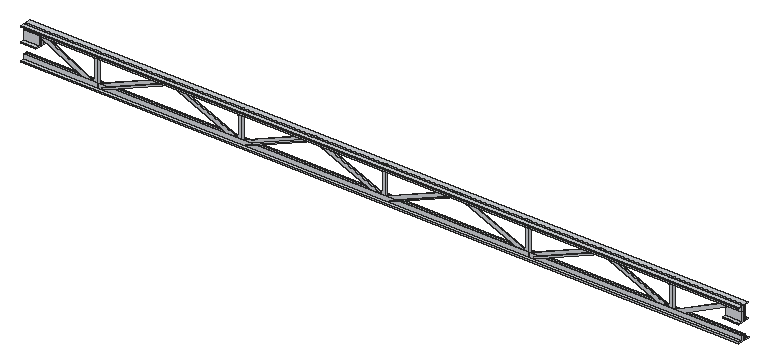
Revit family "BG Joist Girder", category Structural Framing, Revit 2020
Family settings
  Structural Framing Length Roundoff = 0' - 0 1/16"
  Section Shape = Not Defined
  Material for Model Behavior = Steel
  Always export as geometry = Yes
  OmniClass Number = 23.25.30.21.14.11
  OmniClass Title = Metal Joists
  Always vertical = Yes
  Cut with Voids When Loaded = No
  Symbolic Representation = From Family
  Shared = No
  Show family pre-cut in plan views = Yes
Parameters (values of type "16BG")
  Web Thickness = 0' - 1"
  Vertical Member Visibility = yes
  Structural Material = none
  Start Offset [instance] = 0' - 0"
  Top Chord Start Extension [instance] = 0' - 0"
  SpaceNum [instance] = 2 * HalfSpaceNum  # 10
  Seat Length = 0' - 8"
  Seat Depth [instance] = 0' - 7 1/2"
  PanelWidth [instance] = Length / SpaceNum  # 3' - 0"
  PanelArrayNum [instance] = SpaceNum - 3  # 7
  Panel Point Load [instance] = 4.00 kip
  Offset Length 2 [instance] = End Panel - End Offset + Bottom Chord End Extension  # 3' - 0"
  Offset Length 1 [instance] = End Panel - Start Offset + Bottom Chord Start Extension  # 3' - 0"
  HalfSpaceNum [instance] = 5
  Girder Type = "BG"
  Depth = 1' - 4"
  Bottom Chord Start Extension [instance] = 0' - 0"
  Bottom Chord End Extension [instance] = 0' - 0"
  PanelArrayNum 2 [instance] = Half PanelArrayNum - 1  # 3
  PanelArrayNum 1 [instance] = Half PanelArrayNum  # 4
  Half PanelArrayNum [instance] = PanelArrayNum / 2  # 4
  End Panel [instance] = PanelWidth  # 3' - 0"
  End Offset [instance] = 0' - 0"
  Top Chord End Extension [instance] = 0' - 0"
  Cord Leg = 0' - 2 1/2"
  Chord Thickness = 0' - 0 1/2"
  Assembly Code = "B1010350"
  Length [instance] = 30' - 0"
Reference planes (in)
  plane 1 "Center (Front/Back)": y = 0
  plane 2: z = 0
  plane 3 "Center (Left/Right)": x = 18.04904
  plane 4 "Member Left": x = -135.95096
  plane 5 "Member Right": x = 140.1815
  plane 6: y = 3
  plane 7: y = -3
  plane 8: z = 8
  plane 9: z = -8
  plane 10 "Left": x = -161.95096
  plane 11 "Stick Symbol Left": x = -220.8185
  plane 12 "Stick Symbol Right": x = 260.1815
  plane 13 "Right": x = 198.04904
  plane 14: z = 0.5
  plane 15: x = -153.95096
  plane 16: x = -125.95096
  plane 17: x = 190.04904
  plane 18: x = 162.04904
  plane 19: y = 0.5
  plane 20: y = -0.5
  plane 21: z = 5.5
  plane 22: z = -5.5
  plane 23: z = -7.75
  plane 24: z = 7.75
  plane 25: x = -161.95096
  plane 26: x = 198.04904
  plane 27: x = -161.95096
  plane 28: x = 198.04904
  plane 29 "111111111": x = 126.04904
  plane 30: x = 90.04904
  plane 31: x = -89.95096
  plane 32: x = -161.95096
  plane 33: x = 198.04904
  plane 34: x = -53.95096
  plane 35: x = -17.95096
  plane 36: x = -220.8185
  plane 37 "Symbol Left": x = -220.8185
  plane 38 "Symbol Right": x = 260.1815
  plane 39: x = 260.1815
Forms (in)
  Extrusion 1, solid, material <- "Structural Material", detail levels medium+fine
    sketch origin (18.04904, 0, 0) x (0, 1, 0) y (0, 0, 1)
      loop
        line (3, 8) -> (0.5, 8) -> (0.5, 5.5) -> (1, 5.5) -> (1, 7.5) -> (3, 7.5) -> (3, 8)
      loop
        line (-3, 8) -> (-3, 7.5) -> (-1, 7.5) -> (-1, 5.5) -> (-0.5, 5.5) -> (-0.5, 8) -> (-3, 8)
    from -180 to 180
  Extrusion 2, solid, material <- "Structural Material", detail levels medium+fine
    sketch origin (18.04904, 0, 0) x (0, 1, 0) y (0, 0, 1)
      loop
        line (0.5, -5.5) -> (0.5, -8) -> (3, -8) -> (3, -7.5) -> (1, -7.5) -> (1, -5.5) -> (0.5, -5.5)
      loop
        line (-0.5, -5.5) -> (-1, -5.5) -> (-1, -7.5) -> (-3, -7.5) -> (-3, -8) -> (-0.5, -8) -> (-0.5, -5.5)
    from -180 to 180
  Extrusion 3, solid, material <- "Structural Material", detail levels medium+fine
    sketch origin (18.04904, 0, 0) x (0, 1, 0) y (0, 0, 1)
      loop
        line (3, 0.5) -> (3, 1) -> (1, 1) -> (1, 5.5) -> (0.5, 5.5) -> (0.5, 0.5) -> (3, 0.5)
      loop
        line (-3, 0.5) -> (-0.5, 0.5) -> (-0.5, 5.5) -> (-1, 5.5) -> (-1, 1) -> (-3, 1) -> (-3, 0.5)
    from 172 to 180
  Extrusion 4, solid, material <- "Structural Material", detail levels medium+fine
    sketch origin (18.04904, 0, 0) x (0, 1, 0) y (0, 0, 1)
      loop
        line (-3, 0.5) -> (-0.5, 0.5) -> (-0.5, 5.5) -> (-1, 5.5) -> (-1, 1) -> (-3, 1) -> (-3, 0.5)
      loop
        line (0.5, 0.5) -> (3, 0.5) -> (3, 1) -> (1, 1) -> (1, 5.5) -> (0.5, 5.5) -> (0.5, 0.5)
    from -180 to -172
  Sweep 5, solid, material <- "Structural Material", detail levels fine
    path in 3D
      loop
        line (162.04904, 0, -7.75) -> (190.04904, 0, 5.5)
    profile "Web-Profile : Web-Profile" origin (176.04904, 0, -1.125) x (-0.427739, 0, 0.903902) y (0, -1, 0)
      loop
        line (-1, 0.75) -> (-1, 0.25) -> (1, 0.25) -> (1, 0.75) -> (-1, 0.75)
  Sweep 6, solid, material <- "Structural Material", detail levels fine
    path in 3D
      loop
        line (-153.95096, 0, 5.5) -> (-125.95096, 0, -7.75)
    profile "Web-Profile : Web-Profile" origin (-139.95096, 0, -1.125) x (0.427739, 0, 0.903902) y (0, -1, 0)
      loop
        line (-1, 0.25) -> (-1, -0.25) -> (1, -0.25) -> (1, 0.25) -> (-1, 0.25)
Lines and regions (in)
  symbolic lines, style "StructuralFraming", detail levels coarse
    curve 1: line (0, 3, 8) -> (0, 0.5, 8)
    curve 2: line (0, -3, -8) -> (0, -0.5, -8)
    curve 12: line (0, 0.5, -8) -> (0, 3, -8)
    curve 13: line (18.04904, 0.5, -8) -> (18.04904, 0.5, -5.5)
    curve 14: line (18.04904, -0.5, -8) -> (18.04904, -0.5, -5.5)
    curve 15: line (18.04904, -0.5, 8) -> (18.04904, -0.5, 5.5)
    curve 16: line (18.04904, 0.5, 8) -> (18.04904, 0.5, 5.5)
    curve 17: line (0, -0.5, 8) -> (0, -3, 8)
  symbolic lines, style "StructuralFraming", detail levels coarse+medium
    curve 3: line (0, 0, -8) -> (0, 0, 8)
  reference lines
    curve 4: line (-212.8185, 0, -12.86251) -> (-212.8185, 0, 11.13749)
    curve 5: line (-176.8185, 0, -13.11251) -> (-176.8185, 0, 11.13749)
    curve 6: line (252.1815, 0, -10.77905) -> (252.1815, 0, 11.22095)
    curve 7: line (216.1815, 0, -15.77905) -> (216.1815, 0, 11.22095)
  model lines, style "Joist Girder", detail levels coarse
    curve 8: line (216.1815, 0, -8) -> (-176.8185, 0, -8)
    curve 9: line (260.1815, 0, 8) -> (-220.8185, 0, 8)
  model lines, style "StructuralFraming", detail levels medium
    curve 10: line (-153.95096, 0, 5.5) -> (-125.95096, 0, -7.75)
    curve 11: line (162.04904, 0, -7.75) -> (190.04904, 0, 5.5)
  model lines, style "Web Joist", detail levels coarse
    curve 18: line (-176.8185, 0, -8) -> (-212.8185, 0, 8)
    curve 19: line (216.1815, 0, -8) -> (252.1815, 0, 8)
  sketch lines
    curve 20: line (162.04904, 0, -7.75) -> (190.04904, 0, 5.5)
    curve 21: line (-153.95096, 0, 5.5) -> (-125.95096, 0, -7.75)
  symbolic lines, detail levels fine
    curve 22: line (18.04904, 0.5, 7.75) -> (18.04904, -0.5, 7.75)
    curve 23: line (18.04904, 0.5, -7.75) -> (18.04904, -0.5, -7.75)
    curve 24: line (18.04904, 0.5, -5.5) -> (18.04904, 0.5, 5.5)
    curve 25: line (18.04904, -0.5, -5.5) -> (18.04904, -0.5, 5.5)
Dimensions and locks (in)
  equal spacing: plane 9, plane 2, plane 8
  "Length": plane 10 "Left" to plane 13 "Right"
  equal spacing: plane 10 "Left", plane 3 "Center (Left/Right)", plane 13 "Right"
  "End Panel": curve 5 to curve 4
  "End Panel": curve 6 to curve 7
  "Depth": plane 9 to plane 8
  "Seat Depth": plane 8 to plane 14
  "End Panel": plane 10 "Left" to plane 16
  "End Panel": plane 13 "Right" to plane 18
  "Web Thickness": plane 19 to plane 20
  equal spacing: plane 19, plane 1 "Center (Front/Back)", plane 20
  "Cord Leg": plane 20 to plane 7
  "Cord Leg": plane 6 to plane 19
  "Cord Leg": plane 9 to plane 22
  "Cord Leg": plane 21 to plane 8
  "Chord Thickness": plane 8 to Extrusion 1 sketch curve
  "Chord Thickness": Extrusion 1 sketch curve to plane 8
  "Chord Thickness": plane 20 to Extrusion 1 sketch curve
  "Chord Thickness": Extrusion 1 sketch curve to plane 19
  "Chord Thickness": plane 9 to Extrusion 2 sketch curve  (x2)
  "Chord Thickness": Extrusion 2 sketch curve to plane 19
  "Chord Thickness": plane 20 to Extrusion 2 sketch curve
  "Chord Thickness": plane 14 to Extrusion 3 sketch curve  (x2)
  "Chord Thickness": plane 20 to Extrusion 3 sketch curve
  "Chord Thickness": Extrusion 3 sketch curve to plane 19
  "Chord Thickness": plane 14 to Extrusion 4 sketch curve  (x2)
  "Chord Thickness": Extrusion 4 sketch curve to plane 19
  "Chord Thickness": plane 20 to Extrusion 4 sketch curve
  locked: plane 23 to plane 9 at 0.25
  locked: plane 8 to plane 24 at 0.25
  "Start Offset": plane 10 "Left" to plane 27
  "Seat Length": plane 27 to plane 15
  "Top Chord Start Extension": plane 25 to plane 27
  "End Offset": plane 28 to plane 13 "Right"
  "Seat Length": plane 17 to plane 28
  "Top Chord End Extension": plane 28 to plane 26
  "PanelWidth": plane 18 to plane 29 "111111111"
  "PanelWidth": plane 29 "111111111" to plane 30
  "PanelWidth": plane 16 to plane 31
  "Offset Length 1": plane 16 to plane 32
  "Offset Length 2": plane 33 to plane 18
  "PanelWidth": plane 34 to plane 31
  "PanelWidth": plane 35 to plane 34
  equal spacing: group 1, group 2, group 3, group 6  (x3)
  equal spacing: group 4, group 5, group 7  (x3)
  plane 30 to plane 16 = 18' - 0"
  "Seat Length": curve 4 to plane 36
  "Start Offset": plane 36 to plane 11 "Stick Symbol Left"
  "Top Chord Start Extension": plane 36 to plane 37 "Symbol Left"
  "Seat Length": plane 39 to curve 6
  "End Offset": plane 12 "Stick Symbol Right" to plane 39
  "Top Chord End Extension": plane 38 "Symbol Right" to plane 39
  aligned and locked: curve 8 to plane 9
  aligned and locked: curve 9 to plane 8
  aligned and locked: curve 5 to curve 8
  aligned and locked: curve 7 to curve 8
  aligned and locked: plane 8 to Extrusion 1 sketch curve
  aligned and locked: Extrusion 1 sketch curve to plane 8
  aligned and locked: plane 6 to Extrusion 1 sketch curve
  aligned and locked: plane 7 to Extrusion 1 sketch curve
  aligned and locked: Extrusion 1 sketch curve to plane 21
  aligned and locked: plane 21 to Extrusion 1 sketch curve
  aligned and locked: plane 9 to Extrusion 2 sketch curve
  aligned and locked: Extrusion 2 sketch curve to plane 9
  aligned and locked: plane 6 to Extrusion 2 sketch curve
  aligned and locked: plane 7 to Extrusion 2 sketch curve
  aligned and locked: Extrusion 2 sketch curve to plane 19
  aligned and locked: Extrusion 2 sketch curve to plane 20
  aligned and locked: Extrusion 2 sketch curve to plane 22
  aligned and locked: plane 22 to Extrusion 2 sketch curve
  aligned and locked: Extrusion 3 sketch curve to plane 7
  aligned and locked: plane 14 to Extrusion 3 sketch curve
  aligned and locked: Extrusion 3 sketch curve to plane 14
  aligned and locked: Extrusion 3 sketch curve to plane 6
  aligned and locked: Extrusion 3 sketch curve to plane 20
  aligned and locked: Extrusion 3 sketch curve to plane 19
  aligned and locked: Extrusion 3 sketch curve to plane 21
  aligned and locked: plane 21 to Extrusion 3 sketch curve
  aligned and locked: Extrusion 3 to plane 17
  aligned and locked: plane 6 to Extrusion 4 sketch curve
  aligned and locked: Extrusion 4 sketch curve to plane 7
  aligned and locked: Extrusion 4 sketch curve to plane 19
  aligned and locked: plane 20 to Extrusion 4 sketch curve
  aligned and locked: plane 21 to Extrusion 4 sketch curve  (x2)
  aligned and locked: Extrusion 4 sketch curve to plane 14  (x2)
  aligned and locked: plane 15 to Extrusion 4
  aligned and locked: Extrusion 2 to curve 13
  aligned and locked: curve 13 to Extrusion 2
  aligned and locked: curve 2 to curve 14
  aligned and locked: curve 14 to Extrusion 2
  aligned and locked: Extrusion 1 to curve 15
  aligned and locked: curve 15 to Extrusion 1
  aligned and locked: curve 16 to Extrusion 1  (x2)
  aligned and locked: curve 1 to Extrusion 1
  aligned and locked: curve 11 to Extrusion 3
  aligned and locked: curve 4 to curve 18
  aligned and locked: curve 6 to curve 19
  aligned and locked: plane 25 to Extrusion 1
  aligned and locked: Extrusion 3 to plane 26
  aligned and locked: Extrusion 1 to plane 26
  aligned and locked: plane 25 to Extrusion 4
  aligned and locked: plane 15 to curve 10
  aligned and locked: Extrusion 1 to curve 10
  aligned and locked: plane 17 to curve 11
  aligned and locked: plane 16 to curve 10
  aligned and locked: plane 23 to curve 10
  aligned and locked: nested 1 to plane 16
  aligned and locked: plane 1 "Center (Front/Back)" to nested 1
  aligned and locked: plane 9 to nested 1
  aligned and locked: nested 2 to plane 31
  aligned and locked: plane 9 to nested 2
  aligned and locked: nested 2 to plane 1 "Center (Front/Back)"
  aligned and locked: plane 18 to curve 11
  aligned and locked: plane 23 to curve 11
  aligned and locked: Extrusion 2 to plane 32
  aligned and locked: plane 33 to Extrusion 2
  aligned and locked: plane 34 to nested 3
  aligned and locked: plane 35 to nested 5
  aligned and locked: nested 6 to plane 1 "Center (Front/Back)"
  aligned and locked: nested 6 to plane 18
  aligned and locked: plane 9 to nested 6
  aligned and locked: plane 37 "Symbol Left" to curve 9
  aligned and locked: plane 38 "Symbol Right" to curve 9
Automatic sketch dimensions
  Extrusion 1 sketch curve to plane 20 = 0' - 0"
  Extrusion 1 sketch curve to plane 19 = 0' - 0"
  curve 12 to plane 6 = 0' - 0"
  curve 1 to plane 6 = 0' - 0"
  curve 12 to plane 9 = 0' - 0"
  curve 12 to plane 19 = 0' - 0"
  curve 1 to plane 19 = 0' - 0"
  curve 17 to plane 8 = 0' - 0"
  curve 17 to plane 20 = 0' - 0"
  curve 17 to plane 7 = 0' - 0"
  plane 9 to curve 7 = 0' - 7.77905"
  plane 9 to curve 5 = 0' - 5.11251"
  plane 9 to curve 4 = 0' - 4.86251"
  plane 9 to curve 6 = 0' - 2.77905"
  curve 5 to plane 8 = 0' - 3.13749"
  curve 4 to plane 8 = 0' - 3.13749"
  curve 7 to plane 8 = 0' - 3.22095"
  curve 6 to plane 8 = 0' - 3.22095"
  curve 2 to plane 7 = 0' - 0"
  curve 2 to plane 9 = 0' - 0"
  curve 2 to plane 20 = 0' - 0"
  curve 3 to plane 1 "Center (Front/Back)" = 0' - 0"
  curve 3 to plane 9 = 0' - 0"
  curve 23 to plane 23 = 0' - 0"
  curve 25 to plane 22 = 0' - 0"
  curve 24 to plane 22 = 0' - 0"
  curve 16 to plane 21 = 0' - 0"
  curve 15 to plane 21 = 0' - 0"
  curve 22 to plane 24 = 0' - 0"
  curve 3 to plane 8 = 0' - 0"
Nested families (in)
  nested 1: "BG Angled Web 1" at (-125.95096, 0, 0), type "BG Angled Web 1"
  nested 2: "BG Angled Web 2" at (-53.95096, 0, 0) x (-1, 0, 0) z (0, 0, 1), type "BG Angled Web 2"
  nested 3: "BG Angled Web 1" at (-53.95096, 0, 0), type "BG Angled Web 1"
  nested 4: "BG Angled Web 1" at (18.04904, 0, 0), type "BG Angled Web 1"
  nested 5: "BG Angled Web 2" at (18.04904, 0, 0) x (-1, 0, 0) z (0, 0, 1), type "BG Angled Web 2"
  nested 6: "BG Angled Web-Right" at (162.04904, 0, 0) x (-1, 0, 0) z (0, 0, 1), type "BG Angled Web-Right"
  nested 7: "BG Angled Web 1" at (90.04904, 0, 0), type "BG Angled Web 1"
  nested 8: "BG Angled Web 2" at (90.04904, 0, 0) x (-1, 0, 0) z (0, 0, 1), type "BG Angled Web 2"
Definition of nested family "BG Angled Web 1"
  Parameters
    WebMaterial = none
    Web Thickness = Thickness / 2  # 0' - 0 1/2"
    Web Offset = Web Leg / 2  # 0' - 1"
    Web Leg = 0' - 2"
    Vertical Member Visibility = yes
    Thickness = 0' - 1"
    PanelHeight = 1' - 4"
    PanelWidth = 3' - 0"
    Assembly Code = ""
  Reference planes (in)
    plane 1 "Center (Front/Back)": y = 0
    plane 2: z = 0
    plane 3 "Center (Left/Right)": x = 0
    plane 4: x = 36
    plane 5: z = -8
    plane 6: z = -7
    plane 7: z = 7
    plane 8: z = 8
    plane 9: y = -0.5
    plane 10: y = 0.5
    plane 11: z = 5.5
    plane 12: z = -5.5
  Forms (in)
    Sweep 1, solid, material <- "WebMaterial", detail levels fine
      path in 3D
        loop
          line (0, 0, -7) -> (1, 0, -7) -> (35, 0, 7) -> (36, 0, 7)
      profile origin (0.5, 0, -7) x (0, 0, 1) y (0, -1, 0)
        loop
          line (1, 0) -> (1, 0.5) -> (-1, 0.5) -> (-1, 0) -> (1, 0)
    Sweep 2, solid, material <- "WebMaterial", detail levels fine
      path in 3D
        loop
          line (4.46706, -0.5, -6.65385) -> (34.54398, -0.5, 5.73077)
      profile origin (19.50552, -0.5, -0.46154) x (-0.38075, 0, 0.924678) y (0, -1, 0)
        loop
          line (0, 0) -> (0.5, 0) -> (0.5, 1.5) -> (0, 1.5) -> (0, 0)
    Sweep 3, solid, material <- "WebMaterial", visible <- "Vertical Member Visibility", detail levels fine
      path origin (0, 0, 0) x (1, 0, 0) y (0, 1, 0)
        loop
          line (0, 0.5) -> (0, -0.5)
      profile origin (0, 0, 0) x (1, 0, 0) y (0, 0, 1)
        loop
          line (-1, 8) -> (-1, 4.75) -> (-0.5625, 4.3125) -> (-0.5625, -4.3125) -> (-1, -4.75) -> (-1, -8) -> (1, -8) -> (1, 8) -> (-1, 8)
  Cuts and joins
    joined: Sweep 1, Sweep 2
  Lines and regions (in)
    model lines, detail levels medium+fine
      curve 1: line (0, 0, -8) -> (0, 0, 8)
      curve 2: line (0, 0, 8) -> (36, 0, 8)
      curve 3: line (36, 0, 8) -> (36, 0, -8)
      curve 4: line (36, 0, -8) -> (0, 0, -8)
    model lines, detail levels medium
      curve 5: line (35, 0, 7) -> (36, 0, 7)
      curve 6: line (0, 0, -7) -> (1, 0, -7)
      curve 7: line (1, 0, -7) -> (35, 0, 7)
    sketch lines
      curve 8: line (0, 0, -7) -> (1, 0, -7)
      curve 9: line (1, 0, -7) -> (35, 0, 7)
      curve 10: line (35, 0, 7) -> (36, 0, 7)
      curve 11: line (4.46706, -0.5, -6.65385) -> (34.54398, -0.5, 5.73077)
    model lines, visible <- "Vertical Member Visibility", detail levels medium
      curve 12: line (0, 0, 8) -> (0, 0, -8)
  Dimensions and locks (in)
    plane 6 to plane 5 = 0' - 1"
    "Thickness": plane 8 to plane 7
    "PanelHeight": plane 8 to plane 5
    equal spacing: plane 8, plane 2, plane 5
    "Thickness": plane 10 to plane 9
    equal spacing: plane 10, plane 1 "Center (Front/Back)", plane 9
    locked: plane 8 to plane 11 at 2.5
    plane 12 to plane 5 = 0' - 2 1/2"
    "Web Offset": plane 6 to plane 5
    "Web Offset": curve 6 to plane 3 "Center (Left/Right)"
    "Web Offset": curve 5 to plane 4
    "Web Leg": Sweep 1 sketch curve to Sweep 1 sketch curve
    equal spacing: Sweep 1 sketch curve, plane 6, Sweep 1 sketch curve
    "Web Leg": plane 1 "Center (Front/Back)" to Sweep 2 sketch curve
    "Web Thickness": Sweep 2 sketch curve to Sweep 2 sketch curve
    "PanelWidth": plane 4 to plane 3 "Center (Left/Right)"
    equal spacing: Sweep 3 sketch curve, plane 3 "Center (Left/Right)", Sweep 3 sketch curve
    "Web Leg": Sweep 3 sketch curve to Sweep 3 sketch curve  (x2)
    locked: Sweep 3 sketch curve to Sweep 3 sketch curve at 3.25  (x2)
    locked: Sweep 3 sketch curve to Sweep 3 sketch curve at 0.4375
    equal spacing: Sweep 3 sketch curve, plane 2, Sweep 3 sketch curve
    locked: Sweep 3 sketch curve to Sweep 3 sketch curve (angle 45.00°)  (x2)
    aligned and locked: plane 7 to curve 5
    aligned and locked: plane 6 to curve 6
    aligned and locked: Sweep 1 sketch curve to plane 9
    aligned and locked: Sweep 1 sketch curve to plane 1 "Center (Front/Back)"
    aligned and locked: Sweep 1 to curve 11
    aligned and locked: Sweep 2 sketch curve to profile plane
    aligned and locked: plane 9 to Sweep 2 sketch curve
    aligned and locked: plane 4 to curve 5
    aligned and locked: plane 4 to curve 3
    aligned and locked: plane 3 "Center (Left/Right)" to curve 1
    aligned and locked: curve 4 to plane 5
    aligned and locked: Sweep 3 sketch curve to plane 3 "Center (Left/Right)"
    aligned and locked: plane 10 to Sweep 3 sketch curve
    aligned and locked: plane 9 to Sweep 3 sketch curve
    aligned and locked: curve 12 to plane 3 "Center (Left/Right)"
    aligned and locked: plane 8 to curve 12
    aligned and locked: plane 5 to curve 12
    aligned and locked: Sweep 3 sketch curve to plane 8
    aligned and locked: Sweep 3 sketch curve to plane 5
Definition of nested family "BG Angled Web 2"
  Parameters
    WebMaterial = none
    Web Thickness = Thickness / 2  # 0' - 0 1/2"
    Web Offset = Web Leg / 2  # 0' - 1"
    Web Leg = 0' - 2"
    Thickness = 0' - 1"
    PanelHeight = 1' - 4"
    PanelWidth = 3' - 0"
    Assembly Code = ""
  Reference planes (in)
    plane 1 "Center (Front/Back)": y = 0
    plane 2: z = 0
    plane 3 "Center (Left/Right)": x = 0
    plane 4: x = 36
    plane 5: z = -8
    plane 6: z = -7
    plane 7: z = 7
    plane 8: z = 8
    plane 9: y = -0.5
    plane 10: y = 0.5
    plane 11: z = 5.5
    plane 12: z = -5.5
  Forms (in)
    Sweep 1, solid, material <- "WebMaterial", detail levels fine
      path in 3D
        loop
          line (0, 0, -7) -> (1, 0, -7) -> (35, 0, 7) -> (36, 0, 7)
      profile origin (0.5, 0, -7) x (0, 0, 1) y (0, -1, 0)
        loop
          line (1, 0) -> (1, 0.5) -> (-1, 0.5) -> (-1, 0) -> (1, 0)
    Sweep 2, solid, material <- "WebMaterial", detail levels fine
      path in 3D
        loop
          line (4.46706, -0.5, -6.65385) -> (34.54398, -0.5, 5.73077)
      profile origin (19.50552, -0.5, -0.46154) x (-0.38075, 0, 0.924678) y (0, -1, 0)
        loop
          line (0, 0) -> (0.5, 0) -> (0.5, 1.5) -> (0, 1.5) -> (0, 0)
  Cuts and joins
    joined: Sweep 1, Sweep 2
  Lines and regions (in)
    model lines, detail levels medium+fine
      curve 1: line (0, 0, -8) -> (0, 0, 8)
      curve 2: line (0, 0, 8) -> (36, 0, 8)
      curve 3: line (36, 0, 8) -> (36, 0, -8)
      curve 4: line (36, 0, -8) -> (0, 0, -8)
    model lines, detail levels medium
      curve 5: line (35, 0, 7) -> (36, 0, 7)
      curve 6: line (0, 0, -7) -> (1, 0, -7)
      curve 7: line (1, 0, -7) -> (35, 0, 7)
    sketch lines
      curve 8: line (0, 0, -7) -> (1, 0, -7)
      curve 9: line (1, 0, -7) -> (35, 0, 7)
      curve 10: line (35, 0, 7) -> (36, 0, 7)
      curve 11: line (4.46706, -0.5, -6.65385) -> (34.54398, -0.5, 5.73077)
  Dimensions and locks (in)
    plane 6 to plane 5 = 0' - 1"
    "Thickness": plane 8 to plane 7
    "PanelHeight": plane 8 to plane 5
    equal spacing: plane 8, plane 2, plane 5
    "Thickness": plane 10 to plane 9
    equal spacing: plane 10, plane 1 "Center (Front/Back)", plane 9
    locked: plane 8 to plane 11 at 2.5
    plane 12 to plane 5 = 0' - 2 1/2"
    "Web Offset": plane 6 to plane 5
    "Web Offset": curve 6 to plane 3 "Center (Left/Right)"
    "Web Offset": curve 5 to plane 4
    "Web Leg": Sweep 1 sketch curve to Sweep 1 sketch curve
    equal spacing: Sweep 1 sketch curve, plane 6, Sweep 1 sketch curve
    "Web Leg": plane 1 "Center (Front/Back)" to Sweep 2 sketch curve
    "Web Thickness": Sweep 2 sketch curve to Sweep 2 sketch curve
    "PanelWidth": plane 4 to plane 3 "Center (Left/Right)"
    aligned and locked: plane 7 to curve 5
    aligned and locked: plane 6 to curve 6
    aligned and locked: plane 8 to curve 2
    aligned and locked: Sweep 1 sketch curve to plane 9
    aligned and locked: Sweep 1 sketch curve to plane 1 "Center (Front/Back)"
    aligned and locked: Sweep 1 to curve 11
    aligned and locked: Sweep 2 sketch curve to profile plane
    aligned and locked: plane 9 to Sweep 2 sketch curve
    aligned and locked: plane 4 to curve 5
    aligned and locked: plane 4 to curve 3
    aligned and locked: plane 3 "Center (Left/Right)" to curve 1
    aligned and locked: curve 4 to plane 5
Definition of nested family "BG Angled Web-Right"
  Parameters
    WebMaterial = none
    Web Thickness = Thickness / 2  # 0' - 0 1/2"
    Web Offset = Web Leg / 2  # 0' - 1"
    Web Leg = 0' - 2"
    Vertical Member Visibility = yes
    Thickness = 0' - 1"
    PanelHeight = 1' - 4"
    PanelWidth = 3' - 0"
    Assembly Code = ""
  Reference planes (in)
    plane 1 "Center (Front/Back)": y = 0
    plane 2: z = 0
    plane 3 "Center (Left/Right)": x = 0
    plane 4: x = 36
    plane 5: z = -8
    plane 6: z = -7
    plane 7: z = 7
    plane 8: z = 8
    plane 9: y = -0.5
    plane 10: y = 0.5
    plane 11: z = 5.5
    plane 12: z = -5.5
  Forms (in)
    Sweep 1, solid, material <- "WebMaterial", detail levels fine
      path in 3D
        loop
          line (0, 0, -7) -> (1, 0, -7) -> (35, 0, 7) -> (36, 0, 7)
      profile origin (0.5, 0, -7) x (0, 0, 1) y (0, -1, 0)
        loop
          line (1, 0) -> (1, 0.5) -> (-1, 0.5) -> (-1, 0) -> (1, 0)
    Sweep 2, solid, material <- "WebMaterial", detail levels fine
      path in 3D
        loop
          line (4.46706, -0.5, -6.65385) -> (34.54398, -0.5, 5.73077)
      profile origin (19.50552, -0.5, -0.46154) x (-0.38075, 0, 0.924678) y (0, -1, 0)
        loop
          line (0, 0) -> (0.5, 0) -> (0.5, 1.5) -> (0, 1.5) -> (0, 0)
    Sweep 3, solid, material <- "WebMaterial", visible <- "Vertical Member Visibility", detail levels fine
      path origin (0, 0, 0) x (1, 0, 0) y (0, 1, 0)
        loop
          line (0, 0.5) -> (0, -0.5)
      profile origin (0, 0, 0) x (1, 0, 0) y (0, 0, 1)
        loop
          line (-1, 8) -> (-1, -8) -> (1, -8) -> (1, -4.75) -> (0.5625, -4.3125) -> (0.5625, 4.3125) -> (1, 4.75) -> (1, 8) -> (-1, 8)
  Cuts and joins
    joined: Sweep 1, Sweep 2
  Lines and regions (in)
    model lines, detail levels medium+fine
      curve 1: line (0, 0, -8) -> (0, 0, 8)
      curve 2: line (0, 0, 8) -> (36, 0, 8)
      curve 3: line (36, 0, 8) -> (36, 0, -8)
      curve 4: line (36, 0, -8) -> (0, 0, -8)
    model lines, detail levels medium
      curve 5: line (35, 0, 7) -> (36, 0, 7)
      curve 6: line (0, 0, -7) -> (1, 0, -7)
      curve 7: line (1, 0, -7) -> (35, 0, 7)
    sketch lines
      curve 8: line (0, 0, -7) -> (1, 0, -7)
      curve 9: line (1, 0, -7) -> (35, 0, 7)
      curve 10: line (35, 0, 7) -> (36, 0, 7)
      curve 11: line (4.46706, -0.5, -6.65385) -> (34.54398, -0.5, 5.73077)
    model lines, visible <- "Vertical Member Visibility", detail levels medium
      curve 12: line (0, 0, 8) -> (0, 0, -8)
  Dimensions and locks (in)
    plane 6 to plane 5 = 0' - 1"
    "Thickness": plane 8 to plane 7
    "PanelHeight": plane 8 to plane 5
    equal spacing: plane 8, plane 2, plane 5
    "Thickness": plane 10 to plane 9
    equal spacing: plane 10, plane 1 "Center (Front/Back)", plane 9
    locked: plane 8 to plane 11 at 2.5
    plane 12 to plane 5 = 0' - 2 1/2"
    "Web Offset": plane 6 to plane 5
    "Web Offset": curve 6 to plane 3 "Center (Left/Right)"
    "Web Offset": curve 5 to plane 4
    "Web Leg": Sweep 1 sketch curve to Sweep 1 sketch curve
    equal spacing: Sweep 1 sketch curve, plane 6, Sweep 1 sketch curve
    "Web Leg": plane 1 "Center (Front/Back)" to Sweep 2 sketch curve
    "Web Thickness": Sweep 2 sketch curve to Sweep 2 sketch curve
    "PanelWidth": plane 4 to plane 3 "Center (Left/Right)"
    equal spacing: Sweep 3 sketch curve, plane 3 "Center (Left/Right)", Sweep 3 sketch curve  (x2)
    "Web Leg": Sweep 3 sketch curve to Sweep 3 sketch curve
    locked: Sweep 3 sketch curve to Sweep 3 sketch curve at 3.25  (x2)
    Sweep 3 sketch curve to Sweep 3 sketch curve = 0' - 0 7/16"
    equal spacing: Sweep 3 sketch curve, plane 2, Sweep 3 sketch curve
    locked: Sweep 3 sketch curve to Sweep 3 sketch curve (angle 45.00°)  (x2)
    aligned and locked: plane 7 to curve 5
    aligned and locked: plane 6 to curve 6
    aligned and locked: Sweep 1 sketch curve to plane 9
    aligned and locked: Sweep 1 sketch curve to plane 1 "Center (Front/Back)"
    aligned and locked: Sweep 1 to curve 11
    aligned and locked: Sweep 2 sketch curve to profile plane
    aligned and locked: plane 9 to Sweep 2 sketch curve
    aligned and locked: plane 4 to curve 5
    aligned and locked: plane 4 to curve 3
    aligned and locked: plane 3 "Center (Left/Right)" to curve 1
    aligned and locked: curve 4 to plane 5
    aligned and locked: Sweep 3 sketch curve to plane 3 "Center (Left/Right)"
    aligned and locked: plane 10 to Sweep 3 sketch curve
    aligned and locked: plane 9 to Sweep 3 sketch curve
    aligned and locked: curve 12 to plane 3 "Center (Left/Right)"
    aligned and locked: plane 8 to curve 12
    aligned and locked: plane 5 to curve 12
    aligned and locked: Sweep 3 sketch curve to plane 8
    aligned and locked: Sweep 3 sketch curve to plane 5
